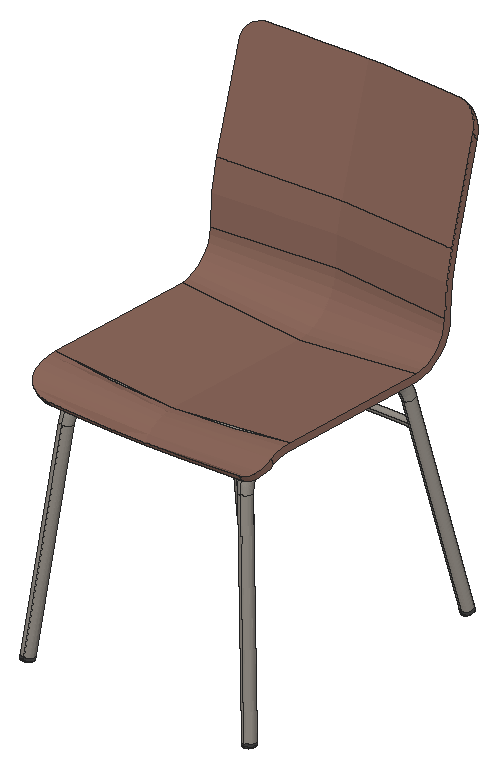
Revit family "Plymold-Essentials-Legacy_Seating", category Furniture, Revit 2022
Family settings
  OmniClass Number = 23.40.20.00
  OmniClass Title = General Furniture and Specialties
  Work Plane-Based = No
  Always vertical = Yes
  Cut with Voids When Loaded = No
  Render Appearance Source = Family Geometry
  Shared = No
  Room Calculation Point = No
Parameters (values of type "6771")
  Width = 17"
  URL = "https://plymold.com"
  Type Comments = "Chairs & Barstools"  # constant formula
  Sustainability = "https://plymold.com/plymolds-sustainability-efforts/"
  SHELL MATERIAL = PLY - Wood Mahogany - Vertical
  Revit Model Built By = "https://www.servex-us.com/servex-revit/"
  Product Documentation Link = "https://plymold.com/product/legacy-chair/"
  Model = "6771"
  Manufacturer = "Plymold"  # constant formula
  Keynote = "12500"  # constant formula
  Height = 33"
  GLIDES MATERIAL = PLY - Plastic Black
  FRAME MATERIAL = PLY - Iron Glimme Powdercoat
  Description = "Legacy Chair - 17”W x 20 1/2”D x 33”H"
  Depth = 20 1/2"
  Default Elevation = 0"
  Cost = 0
  Brand = "Legacy"  # constant formula
  Assembly Code = "E2020200"
Types (3): name | Product Documentation Link | Model | Height | Description
  (no name) | "https://plymold.com/product/legacy-chair/" | "6771" | 33" | "Legacy Chair - 17”W x 20 1/2”D x 33”H"
  6771 | "https://plymold.com/product/legacy-chair/" | "6771" | 33" | "Legacy Chair - 17”W x 20 1/2”D x 33”H"
  6773 | "https://plymold.com/product/legacy-barstool/" | "6773" | 45 1/2" | "Legacy Barstool - 17”W x 20 1/2”D x 45 1/2”H"
Reference planes (in)
  plane 1: z = 0
  plane 2: z = 0
  plane 3 "Center (Front/Back)": y = 49.90131
  plane 4 "Center (Left/Right)": x = -171.57253
  plane 5: z = 33
  plane 6: x = -180.07253
  plane 7: x = -163.07253
  plane 8: y = 60.15131
  plane 9: y = 39.65131
Dimensions and locks (in)
  "Height": plane 5 to plane 2
  equal spacing: plane 6, plane 4 "Center (Left/Right)", plane 7
  equal spacing: plane 8, plane 3 "Center (Front/Back)", plane 9
  "Depth": plane 8 to plane 9
  "Width": plane 6 to plane 7
  aligned and locked: level to plane 1
  aligned and locked: nested 1 to plane 3 "Center (Front/Back)"
  aligned and locked: plane 4 "Center (Left/Right)" to nested 1
Nested families (in)
  nested 1: "Legacy_Chair" at (-171.57253, 49.90131, 0), W <- "Width", D <- "Depth", H <- "Height", SHELL MATERIAL <- "SHELL MATERIAL", FRAME MATERIAL <- "FRAME MATERIAL", GLIDES MATERIAL <- "GLIDES MATERIAL", type "Legacy_Chair"
    with W 17", SHELL MATERIAL PLY - Wood Mahogany - Vertical, H 33", GLIDES MATERIAL PLY - Plastic Black, FRAME MATERIAL PLY - Iron Glimme Powdercoat, D 20 1/2", Chair yes, Bar Height no
Definition of nested family "Legacy_Chair"
  Parameters (values of type "Legacy_Chair")
    W [instance] = 17"
    SHELL MATERIAL [instance] = none
    H [instance] = 33"
    GLIDES MATERIAL [instance] = none
    FRAME MATERIAL [instance] = none
    Default Elevation = 0"
    D [instance] = 20 1/2"
    Chair [instance] = and(H = 33")  # yes
    Bar Height [instance] = and(H = 45 1/2")  # no
  Reference planes (in)
    plane 1 "Center (Front/Back)": y = 0
    plane 2: z = 0
    plane 3 "Center (Left/Right)": x = 0
    plane 4: z = 33
    plane 5: x = 8.5
    plane 6: y = -10.25
    plane 7: z = 18
    plane 8: x = -8.5
    plane 9: y = 10.25
    plane 10: through (-6.71391, -180, 17.50512) normal (0.9948, 0, -0.1015)
    plane 11: through (-10.37179, -1.33906, 21.07814) normal (0.0054, -0.9986, 0.0534)
    plane 12: through (-6.76893, -180, 29.27961) normal (0.9983, 0, -0.059)
  Forms (in)
    Sweep 1, solid, material <- "FRAME MATERIAL", visible <- "Chair"
      path origin (-6.71391, -180, 17.50512) x (0.101506, 0, 0.994835) y (0, -1, 0)
        loop
          line (-17.1197, -168.96589) -> (-2.11452, -170.543)
          arc (-2.11452, -170.543) -> (-0.22765, -171.53652) -> (0.45582, -173.55648) r 2.875
          line (0.45582, -173.55648) -> (-0.08065, -183.54223)
          arc (-0.08065, -183.54223) -> (-0.75084, -185.23805) -> (-2.30629, -186.18967) r 2.875
          line (-2.30629, -186.18967) -> (-17.05332, -189.58591)
      profile origin (-6.69487, -1.45064, 17.69174) x (-0.101359, -0.053646, -0.993402) y (0.994835, 0, -0.101506)
        loop
          circle (0.43642, 0.43642) r 0.43642
    Revolve 2, solid, material <- "GLIDES MATERIAL", visible <- "Chair"
      sketch origin (-6.27761, -179.90891, 17.4817) x (0.101506, 0, 0.994835) y (0, -1, 0)
        loop
          line (-17.17224, -189.06953) -> (-17.54141, -189.15455)
          arc (-17.54141, -189.15455) -> (-17.47256, -189.34322) -> (-17.36025, -189.50973) r 0.82668
          arc (-17.36025, -189.50973) -> (-17.31855, -189.53736) -> (-17.26857, -189.53956) r 0.09361
          line (-17.26857, -189.53956) -> (-17.0743, -189.49482) -> (-17.17224, -189.06953)
        axis (-17.17224, -189.06953) -> (-17.54141, -189.15455)
      angle from 0 to 360
    Revolve 3, solid, material <- "GLIDES MATERIAL", visible <- "Chair"
      sketch origin (-3.96331, 174.98898, 40.1636) x (0.100756, -0.121334, 0.987485) y (-0.012316, -0.992612, -0.120707)
        loop
          line (-17.17224, 189.06953) -> (-17.0743, 189.49482) -> (-17.26857, 189.53956)
          arc (-17.26857, 189.53956) -> (-17.31855, 189.53736) -> (-17.36025, 189.50973) r 0.09361
          arc (-17.36025, 189.50973) -> (-17.47256, 189.34322) -> (-17.54141, 189.15455) r 0.82668
          line (-17.54141, 189.15455) -> (-17.17224, 189.06953)
        axis (-17.17224, 189.06953) -> (-17.54141, 189.15455)
      angle from 0 to 360
    Sweep 4, solid, material <- "FRAME MATERIAL", visible <- "Chair"
      path origin (6.71391, -180, 17.50512) x (-0.101506, 0, 0.994835) y (0, 1, 0)
        loop
          line (-17.1197, 168.96589) -> (-2.11452, 170.543)
          arc (-2.11452, 170.543) -> (-0.22765, 171.53652) -> (0.45582, 173.55648) r 2.875
          line (0.45582, 173.55648) -> (-0.08065, 183.54223)
          arc (-0.08065, 183.54223) -> (-0.75084, 185.23805) -> (-2.30629, 186.18967) r 2.875
          line (-2.30629, 186.18967) -> (-17.05332, 189.58591)
      profile origin (6.69487, -1.45064, 17.69174) x (-0.101359, 0.053646, 0.993402) y (-0.994835, 0, -0.101506)
        loop
          circle (-0.43642, 0.43642) r 0.43642
    Revolve 5, solid, material <- "GLIDES MATERIAL", visible <- "Chair"
      sketch origin (6.27761, -179.90891, 17.4817) x (-0.101506, 0, 0.994835) y (0, 1, 0)
        loop
          line (-17.17224, 189.06953) -> (-17.0743, 189.49482) -> (-17.26857, 189.53956)
          arc (-17.26857, 189.53956) -> (-17.31855, 189.53736) -> (-17.36025, 189.50973) r 0.09361
          arc (-17.36025, 189.50973) -> (-17.47256, 189.34322) -> (-17.54141, 189.15455) r 0.82668
          line (-17.54141, 189.15455) -> (-17.17224, 189.06953)
        axis (-17.17224, 189.06953) -> (-17.54141, 189.15455)
      angle from 0 to 360
    Revolve 6, solid, material <- "GLIDES MATERIAL", visible <- "Chair"
      sketch origin (3.96331, 174.98898, 40.1636) x (-0.100756, -0.121334, 0.987485) y (-0.012316, 0.992612, 0.120707)
        loop
          line (-17.17224, -189.06953) -> (-17.54141, -189.15455)
          arc (-17.54141, -189.15455) -> (-17.47256, -189.34322) -> (-17.36025, -189.50973) r 0.82668
          arc (-17.36025, -189.50973) -> (-17.31855, -189.53736) -> (-17.26857, -189.53956) r 0.09361
          line (-17.26857, -189.53956) -> (-17.0743, -189.49482) -> (-17.17224, -189.06953)
        axis (-17.17224, -189.06953) -> (-17.54141, -189.15455)
      angle from 0 to 360
    Sweep 7, solid, material <- "FRAME MATERIAL", visible <- "Bar Height"
      path origin (-6.76893, -180, 29.27961) x (0.059019, 0, 0.998257) y (0, -1, 0)
        loop
          line (-28.90629, -169.73314) -> (-1.45352, -171.1237)
          arc (-1.45352, -171.1237) -> (0.44867, -172.02746) -> (1.15371, -174.01189) r 2.75
          line (1.15371, -174.01189) -> (0.62642, -184.23028)
          arc (0.62642, -184.23028) -> (-0.10046, -185.95517) -> (-1.76293, -186.81529) r 2.75
          line (-1.76293, -186.81529) -> (-28.86062, -190.36301)
      profile origin (-6.7164, -0.87892, 30.16813) x (-0.058941, -0.051534, -0.99693) y (0.998257, 0, -0.059019)
        loop
          circle (0.4322, 0.43452) r 0.4375
    Revolve 8, solid, material <- "GLIDES MATERIAL", visible <- "Bar Height"
      sketch origin (-7.32794, -176.88511, 35.62041) x (0.060442, 0.096016, 0.993543) y (-0.001695, -0.995352, 0.096294)
        loop
          line (-17.1091, -189.34373) -> (-17.47826, -189.42875)
          arc (-17.47826, -189.42875) -> (-17.40942, -189.61742) -> (-17.2971, -189.78393) r 0.82668
          arc (-17.2971, -189.78393) -> (-17.2554, -189.81156) -> (-17.20542, -189.81376) r 0.09361
          line (-17.20542, -189.81376) -> (-17.01115, -189.76902) -> (-17.1091, -189.34373)
        axis (-17.1091, -189.34373) -> (-17.47826, -189.42875)
      angle from 0 to 360
    Revolve 9, solid, material <- "GLIDES MATERIAL", visible <- "Bar Height"
      sketch origin (-6.45844, 173.49438, 50.32718) x (0.059806, -0.174834, 0.98278) y (-0.002956, -0.984569, -0.174973)
        loop
          line (-17.13153, 189.24631) -> (-17.03359, 189.6716) -> (-17.22786, 189.71634)
          arc (-17.22786, 189.71634) -> (-17.27784, 189.71414) -> (-17.31954, 189.68651) r 0.09361
          arc (-17.31954, 189.68651) -> (-17.43185, 189.52) -> (-17.5007, 189.33133) r 0.82668
          line (-17.5007, 189.33133) -> (-17.13153, 189.24631)
        axis (-17.13153, 189.24631) -> (-17.5007, 189.33133)
      angle from 0 to 360
    Sweep 10, solid, material <- "FRAME MATERIAL", visible <- "Bar Height"
      path origin (6.76893, -180, 29.27961) x (-0.059019, 0, 0.998257) y (0, 1, 0)
        loop
          line (-28.90629, 169.73314) -> (-1.45352, 171.1237)
          arc (-1.45352, 171.1237) -> (0.44867, 172.02746) -> (1.15371, 174.01189) r 2.75
          line (1.15371, 174.01189) -> (0.62642, 184.23028)
          arc (0.62642, 184.23028) -> (-0.10046, 185.95517) -> (-1.76293, 186.81529) r 2.75
          line (-1.76293, 186.81529) -> (-28.86062, 190.36301)
      profile origin (6.7164, -0.87892, 30.16813) x (-0.058941, 0.051534, 0.99693) y (-0.998257, 0, -0.059019)
        loop
          circle (-0.4322, 0.43452) r 0.4375
    Revolve 11, solid, material <- "GLIDES MATERIAL", visible <- "Bar Height"
      sketch origin (7.32794, -176.88511, 35.62041) x (-0.060442, 0.096016, 0.993543) y (-0.001695, 0.995352, -0.096294)
        loop
          line (-17.11043, 189.34404) -> (-17.01249, 189.76933) -> (-17.20542, 189.81376)
          arc (-17.20542, 189.81376) -> (-17.2554, 189.81156) -> (-17.2971, 189.78393) r 0.09361
          arc (-17.2971, 189.78393) -> (-17.40942, 189.61742) -> (-17.47826, 189.42875) r 0.82668
          line (-17.47826, 189.42875) -> (-17.11043, 189.34404)
        axis (-17.11043, 189.34404) -> (-17.47826, 189.42875)
      angle from 0 to 360
    Revolve 12, solid, material <- "GLIDES MATERIAL", visible <- "Bar Height"
      sketch origin (6.45844, 173.49438, 50.32718) x (-0.059806, -0.174834, 0.98278) y (-0.002956, 0.984569, 0.174973)
        loop
          line (-17.13288, -189.24662) -> (-17.5007, -189.33133)
          arc (-17.5007, -189.33133) -> (-17.43185, -189.52) -> (-17.31954, -189.68651) r 0.82668
          arc (-17.31954, -189.68651) -> (-17.27784, -189.71414) -> (-17.22786, -189.71634) r 0.09361
          line (-17.22786, -189.71634) -> (-17.03493, -189.67191) -> (-17.13288, -189.24662)
        axis (-17.13288, -189.24662) -> (-17.5007, -189.33133)
      angle from 0 to 360
    Extrusion 13, solid, material <- "FRAME MATERIAL", visible <- "Bar Height"
      sketch origin (0, -0.04688, 0) x (0, 1, 0) y (0, 0, 1)
        loop
          circle (-9.19748, 12) r 0.42306
      from -7.32251 to 7.35752
    Extrusion 14, solid, material <- "FRAME MATERIAL", visible <- "Bar Height"
      sketch origin (0, 0, 0.08779) x (1, 0, 0) y (0, 0, 1)
        loop
          circle (-7.36157, 11.91221) r 0.42306
        loop
          circle (7.36157, 11.91221) r 0.42306
      from -8.41875 to 9.28732
    Extrusion 15, solid, material <- "FRAME MATERIAL", visible <- "Bar Height"
      sketch origin (0, 16.13346, 11.75571) x (0, 1, 0) y (0, 0, 1)
        loop
          circle (-9.49356, 1.16132) r 0.25
      from -6.52749 to 6.53504
    Extrusion 16, solid, material <- "FRAME MATERIAL", visible <- "Chair"
      sketch origin (0, 15.70499, -0.52985) x (0, 1, 0) y (0, 0, 1)
        loop
          circle (-9.49356, 13.66132) r 0.25
      from -6.80339 to 6.78859
  Cuts and joins
    joined: Sweep 7, Sweep 10, Extrusion 13, Extrusion 14, Extrusion 15
    joined: Sweep 1, Sweep 4, Extrusion 16
  Lines and regions (in)
    symbolic lines, visible <- "Bar Height"
      curve 1: line (-8.40359, 9.67186, 0) -> (-8.45197, 9.78052, 0)
      curve 2: line (-7.61692, 10.05651, 0) -> (-7.65251, 10.13646, 0)
      curve 3: arc (-8.45197, 9.78052, 0) -> (-8.23021, 10.35822, 0) -> (-7.65251, 10.13646, 0) r 0.43756
      curve 4: line (8.40359, 9.67186, 0) -> (8.45197, 9.78052, 0)
      curve 5: line (7.61692, 10.05651, 0) -> (7.65251, 10.13646, 0)
      curve 6: arc (8.45197, 9.78052, 0) -> (8.23021, 10.35822, 0) -> (7.65251, 10.13646, 0) r 0.43756
      curve 7: arc (-8.43053, -9.62662, 0) -> (-8.33757, -10.17523, 0) -> (-7.78124, -10.1859, 0) r 0.43608
      curve 8: arc (8.43053, -9.62662, 0) -> (8.33757, -10.17523, 0) -> (7.78124, -10.1859, 0) r 0.43608
    symbolic lines, visible <- "Chair"
      curve 9: line (-8.09099, -10.04304, 0) -> (-8.35565, -10.3171, 0)
      curve 10: line (-7.09145, -10.26098, 0) -> (-7.72953, -10.92173, 0)
      curve 11: arc (-8.35565, -10.3171, 0) -> (-8.34491, -10.93247, 0) -> (-7.72953, -10.92173, 0) r 0.4352
      curve 12: line (8.09099, -10.04304, 0) -> (8.35565, -10.3171, 0)
      curve 13: line (7.09145, -10.26098, 0) -> (7.72953, -10.92173, 0)
      curve 14: arc (8.35565, -10.3171, 0) -> (8.34491, -10.93247, 0) -> (7.72953, -10.92173, 0) r 0.4352
    symbolic lines, visible <- "Bar Height", detail levels medium+fine
      curve 15: arc (-8.43053, -9.62662, 0) -> (-7.76837, -9.51442, 0) -> (-7.78124, -10.1859, 0) r 0.43608
      curve 16: arc (8.43053, -9.62662, 0) -> (7.76837, -9.51442, 0) -> (7.78124, -10.1859, 0) r 0.43608
      curve 21: arc (-7.65251, 10.13646, 0) -> (-7.87427, 9.55876, 0) -> (-8.45197, 9.78052, 0) r 0.43756
      curve 22: arc (7.65251, 10.13646, 0) -> (7.87427, 9.55876, 0) -> (8.45197, 9.78052, 0) r 0.43756
    symbolic lines, visible <- "Chair", detail levels medium+fine
      curve 17: spline (-8.03063, 8.73533, 0) -> (-8.14266, 8.74982, 0) -> (-8.24638, 8.79231, 0) -> (-8.33472, 8.85989, 0) -> (-8.40166, 8.94797, 0) -> (-8.44264, 9.05055, 0) -> (-8.45486, 9.16062, 0) -> (-8.43749, 9.27069, 0) -> (-8.39172, 9.37327, 0) -> (-8.32066, 9.46135, 0) -> (-8.22916, 9.52893, 0) -> (-8.12345, 9.57142, 0) -> (-8.01074, 9.58591, 0)
      curve 18: spline (-8.03063, 8.73533, 0) -> (-7.91792, 8.74982, 0) -> (-7.81221, 8.79231, 0) -> (-7.72071, 8.85989, 0) -> (-7.64965, 8.94797, 0) -> (-7.60388, 9.05055, 0) -> (-7.58652, 9.16062, 0) -> (-7.59874, 9.27069, 0) -> (-7.63971, 9.37327, 0) -> (-7.70665, 9.46135, 0) -> (-7.79499, 9.52893, 0) -> (-7.89871, 9.57142, 0) -> (-8.01074, 9.58591, 0)
      curve 19: spline (8.03063, 8.73533, 0) -> (8.14266, 8.74982, 0) -> (8.24638, 8.79231, 0) -> (8.33472, 8.85989, 0) -> (8.40166, 8.94797, 0) -> (8.44264, 9.05055, 0) -> (8.45486, 9.16062, 0) -> (8.43749, 9.27069, 0) -> (8.39172, 9.37327, 0) -> (8.32066, 9.46135, 0) -> (8.22916, 9.52893, 0) -> (8.12345, 9.57142, 0) -> (8.01074, 9.58591, 0)
      curve 20: spline (8.03063, 8.73533, 0) -> (7.91792, 8.74982, 0) -> (7.81221, 8.79231, 0) -> (7.72071, 8.85989, 0) -> (7.64965, 8.94797, 0) -> (7.60388, 9.05055, 0) -> (7.58652, 9.16062, 0) -> (7.59874, 9.27069, 0) -> (7.63971, 9.37327, 0) -> (7.70665, 9.46135, 0) -> (7.79499, 9.52893, 0) -> (7.89871, 9.57142, 0) -> (8.01074, 9.58591, 0)
  Dimensions and locks (in)
    "H": plane 4 to plane 2
    equal spacing: plane 8, plane 3 "Center (Left/Right)", plane 5
    equal spacing: plane 6, plane 1 "Center (Front/Back)", plane 9
    "W": plane 8 to plane 5
    "D": plane 9 to plane 6
    locked: plane 4 to plane 7 at 15
    Extrusion 14 to plane 2 = 12"
    aligned and locked: plane 2 to level
    aligned and locked: plane 3 "Center (Left/Right)" to nested 1
    aligned and locked: nested 1 to plane 1 "Center (Front/Back)"
    aligned and locked: plane 7 to nested 1
    aligned and locked: Revolve 2 sketch curve to Revolve 2 sketch curve
    aligned and locked: Revolve 3 sketch curve to Revolve 3 sketch curve
    aligned and locked: Revolve 5 sketch curve to Revolve 5 sketch curve
    aligned and locked: Revolve 6 sketch curve to Revolve 6 sketch curve
    aligned and locked: Revolve 8 sketch curve to Revolve 8 sketch curve
    aligned and locked: Revolve 8 to Sweep 7
    aligned and locked: Revolve 9 sketch curve to Revolve 9 sketch curve
    aligned and locked: Revolve 9 to Sweep 7
    aligned and locked: Revolve 11 sketch curve to Revolve 11 sketch curve
    aligned and locked: Sweep 10 to Revolve 11
    aligned and locked: Revolve 12 sketch curve to Revolve 12 sketch curve
    aligned and locked: Sweep 10 to Revolve 12
  Automatic sketch dimensions
    plane 6 to Sweep 1 sketch curve = 0.78411"
    plane 11 to Sweep 1 sketch curve = 8.59192"
    Sweep 1 sketch curve to plane 9 = 0.66409"
    Sweep 1 sketch curve to Sweep 1 sketch curve = 0.06638"
    Sweep 1 sketch curve to plane 1 "Center (Front/Back)" = 3.388"
    Sweep 1 sketch curve to Sweep 1 sketch curve = 14.10181"
    Sweep 1 sketch curve to plane 6 = 3.65225"
    Sweep 1 sketch curve to Sweep 1 sketch curve = 0.53647"
    Sweep 1 sketch curve to plane 9 = 4.06033"
    Sweep 1 sketch curve to Sweep 1 sketch curve = 0.64522"
    Sweep 1 sketch curve to plane 6 = 0.793"
    Sweep 1 sketch curve to Sweep 1 sketch curve = 0.30052"
    Sweep 1 sketch curve to plane 1 "Center (Front/Back)" = 3.54223"
    Sweep 1 sketch curve to plane 6 = 3.80648"
    Sweep 1 sketch curve to profile plane = 0.43642"
    plane 10 to Sweep 1 sketch curve = 0.43642"
    Revolve 2 sketch curve to plane 9 = 1.00436"  (x2)
    Revolve 2 sketch curve to plane 11 = 11.68012"
    Revolve 2 sketch curve to Revolve 2 sketch curve = 0.25183"
    Revolve 2 sketch curve to plane 9 = 0.61935"
    Revolve 2 sketch curve to Revolve 2 sketch curve = 0.02101"
    Revolve 2 sketch curve to plane 9 = 1.08938"
    Revolve 2 sketch curve to Revolve 2 sketch curve = 0.36916"
    Revolve 2 sketch curve to Revolve 2 sketch curve = 0.43611"
    Revolve 2 sketch curve to Revolve 2 sketch curve = 0.09122"
    Revolve 2 sketch curve to Revolve 2 sketch curve = 0.10191"
    Revolve 2 sketch curve to plane 9 = 0.97943"
    plane 6 to Revolve 3 sketch curve = 0.38967"
    plane 11 to Revolve 3 sketch curve = 8.17539"
    Revolve 3 sketch curve to Revolve 3 sketch curve = 0.25183"
    Revolve 3 sketch curve to Revolve 3 sketch curve = 0.02101"
    Revolve 3 sketch curve to Revolve 3 sketch curve = 0.36916"
    Revolve 3 sketch curve to Revolve 3 sketch curve = 0.19427"
    Revolve 3 sketch curve to Revolve 3 sketch curve = 0.43611"
    Revolve 3 sketch curve to Revolve 3 sketch curve = 0.08502"
    Revolve 3 sketch curve to Revolve 3 sketch curve = 0.10191"
    Revolve 3 sketch curve to Revolve 3 sketch curve = 0.09122"
    Revolve 3 sketch curve to Revolve 3 sketch curve = 0"
    Revolve 3 sketch curve to Revolve 3 sketch curve = 0.10827"
    Sweep 4 sketch curve to plane 1 "Center (Front/Back)" = 3.388"
    Sweep 4 sketch curve to plane 6 = 3.65225"
    Sweep 4 sketch curve to Sweep 4 sketch curve = 0.53647"
    Sweep 4 sketch curve to plane 9 = 4.06033"
    Sweep 4 sketch curve to Sweep 4 sketch curve = 0.64522"
    Sweep 4 sketch curve to plane 6 = 0.793"
    Sweep 4 sketch curve to Sweep 4 sketch curve = 0.30052"
    Sweep 4 sketch curve to plane 1 "Center (Front/Back)" = 3.54223"
    Sweep 4 sketch curve to plane 6 = 3.80648"
    Sweep 4 sketch curve to plane 9 = 0.66409"
    Sweep 4 sketch curve to Sweep 4 sketch curve = 14.74704"
    plane 6 to Sweep 4 sketch curve = 0.78411"
    Sweep 4 sketch curve to Sweep 4 sketch curve = 15.00517"
    profile plane to Sweep 4 sketch curve = 0.43642"  (x2)
    Revolve 5 sketch curve to plane 9 = 1.00436"  (x2)
    Revolve 5 sketch curve to Revolve 5 sketch curve = 0.25183"
    Revolve 5 sketch curve to plane 9 = 0.61935"
    Revolve 5 sketch curve to Revolve 5 sketch curve = 0.02101"
    Revolve 5 sketch curve to plane 9 = 1.08938"
    Revolve 5 sketch curve to Revolve 5 sketch curve = 0.36916"
    Revolve 5 sketch curve to Revolve 5 sketch curve = 0.43611"
    Revolve 5 sketch curve to Revolve 5 sketch curve = 0.10191"
    Revolve 5 sketch curve to Revolve 5 sketch curve = 0.09122"
    Revolve 5 sketch curve to plane 9 = 0.97943"
    plane 6 to Revolve 6 sketch curve = 0.38967"
    Revolve 6 sketch curve to Revolve 6 sketch curve = 0.25183"
    Revolve 6 sketch curve to Revolve 6 sketch curve = 0.02101"
    Revolve 6 sketch curve to Revolve 6 sketch curve = 0.36916"
    Revolve 6 sketch curve to Revolve 6 sketch curve = 0.19427"
    Revolve 6 sketch curve to Revolve 6 sketch curve = 0.43611"
    Revolve 6 sketch curve to Revolve 6 sketch curve = 0.29379"
    Revolve 6 sketch curve to Revolve 6 sketch curve = 0.04648"
    Revolve 6 sketch curve to Revolve 6 sketch curve = 0.10191"
    Revolve 6 sketch curve to Revolve 6 sketch curve = 0"
    Revolve 6 sketch curve to Revolve 6 sketch curve = 0.10827"
    Sweep 7 sketch curve to plane 1 "Center (Front/Back)" = 4.08856"
    Sweep 7 sketch curve to plane 9 = 3.43471"
    Sweep 7 sketch curve to Sweep 7 sketch curve = 0.35699"
    Sweep 7 sketch curve to plane 6 = 4.12018"
    Sweep 7 sketch curve to Sweep 7 sketch curve = 0.52729"
    Sweep 7 sketch curve to plane 6 = 1.3737"
    Sweep 7 sketch curve to Sweep 7 sketch curve = 0.13912"
    Sweep 7 sketch curve to plane 1 "Center (Front/Back)" = 4.23028"
    Sweep 7 sketch curve to plane 6 = 4.26189"
    plane 9 to Sweep 7 sketch curve = 0.11301"
    Sweep 7 sketch curve to Sweep 7 sketch curve = 27.09768"
    plane 6 to Sweep 7 sketch curve = 0.01686"
    Sweep 7 sketch curve to Sweep 7 sketch curve = 0.04567"
    Sweep 7 sketch curve to profile plane = 0.4322"
    plane 12 to Sweep 7 sketch curve = 0.43452"
    Revolve 8 sketch curve to Revolve 8 sketch curve = 0.25183"
    Revolve 8 sketch curve to Revolve 8 sketch curve = 0.02101"
    Revolve 8 sketch curve to Revolve 8 sketch curve = 0.36916"
    Revolve 8 sketch curve to Revolve 8 sketch curve = 0.19427"
    Revolve 8 sketch curve to Revolve 8 sketch curve = 0.43611"
    Revolve 8 sketch curve to Revolve 8 sketch curve = 0.04474"
    Revolve 8 sketch curve to Revolve 8 sketch curve = 0.09122"
    Revolve 8 sketch curve to Revolve 8 sketch curve = 0.10191"
    Revolve 8 sketch curve to Revolve 8 sketch curve = 0"
    Revolve 8 sketch curve to Revolve 8 sketch curve = 0.10827"
    Revolve 9 sketch curve to Revolve 9 sketch curve = 0.25183"
    Revolve 9 sketch curve to Revolve 9 sketch curve = 0.02101"
    Revolve 9 sketch curve to Revolve 9 sketch curve = 0.36916"
    Revolve 9 sketch curve to Revolve 9 sketch curve = 0.19427"
    Revolve 9 sketch curve to Revolve 9 sketch curve = 0.43611"
    Revolve 9 sketch curve to Revolve 9 sketch curve = 0.10191"
    Revolve 9 sketch curve to Revolve 9 sketch curve = 0.08502"
    Revolve 9 sketch curve to Revolve 9 sketch curve = 0.09122"
    Revolve 9 sketch curve to Revolve 9 sketch curve = 0"
    Revolve 9 sketch curve to Revolve 9 sketch curve = 0.10827"
    Sweep 10 sketch curve to plane 1 "Center (Front/Back)" = 4.08856"
    Sweep 10 sketch curve to plane 9 = 3.43471"
    Sweep 10 sketch curve to Sweep 10 sketch curve = 0.35699"
    Sweep 10 sketch curve to plane 6 = 4.12018"
    Sweep 10 sketch curve to Sweep 10 sketch curve = 0.52729"
    Sweep 10 sketch curve to plane 6 = 1.3737"
    Sweep 10 sketch curve to Sweep 10 sketch curve = 0.13912"
    Sweep 10 sketch curve to plane 1 "Center (Front/Back)" = 4.23028"
    Sweep 10 sketch curve to plane 6 = 4.26189"
    plane 9 to Sweep 10 sketch curve = 0.11301"
    Sweep 10 sketch curve to Sweep 10 sketch curve = 27.09768"
    plane 6 to Sweep 10 sketch curve = 0.01686"
    Sweep 10 sketch curve to Sweep 10 sketch curve = 0.04567"
    profile plane to Sweep 10 sketch curve = 0.4322"
    profile plane to Sweep 10 sketch curve = 0.43452"
    Revolve 11 sketch curve to Revolve 11 sketch curve = 0.25183"
    Revolve 11 sketch curve to Revolve 11 sketch curve = 0.02101"
    Revolve 11 sketch curve to Revolve 11 sketch curve = 0.36783"
    Revolve 11 sketch curve to Revolve 11 sketch curve = 0.19294"
    Revolve 11 sketch curve to Revolve 11 sketch curve = 0.43744"
    Revolve 11 sketch curve to Revolve 11 sketch curve = 0.10222"
    Revolve 11 sketch curve to Revolve 11 sketch curve = 0.08471"
    Revolve 11 sketch curve to Revolve 11 sketch curve = 0.09122"
    Revolve 11 sketch curve to Revolve 11 sketch curve = 0"
    Revolve 11 sketch curve to Revolve 11 sketch curve = 0.10827"
    Revolve 12 sketch curve to Revolve 12 sketch curve = 0.25183"
    Revolve 12 sketch curve to Revolve 12 sketch curve = 0.02101"
    Revolve 12 sketch curve to Revolve 12 sketch curve = 0.36782"
    Revolve 12 sketch curve to Revolve 12 sketch curve = 0.19293"
    Revolve 12 sketch curve to Revolve 12 sketch curve = 0.43745"
    Revolve 12 sketch curve to Revolve 12 sketch curve = 0.04443"
    Revolve 12 sketch curve to Revolve 12 sketch curve = 0.09122"
    Revolve 12 sketch curve to Revolve 12 sketch curve = 0.10222"
    Revolve 12 sketch curve to Revolve 12 sketch curve = 0"
    Revolve 12 sketch curve to Revolve 12 sketch curve = 0.10827"
    Extrusion 13 sketch curve to plane 6 = 1.00564"
    level to Extrusion 13 sketch curve = 12"
    Extrusion 14 sketch curve to plane 8 = 1.13843"
    Extrusion 14 sketch curve to plane 5 = 1.13843"
    level to Extrusion 14 sketch curve = 12"  (x2)
    Extrusion 15 sketch curve to plane 9 = 3.61009"
    Extrusion 15 sketch curve to plane 7 = 5.08298"
    Extrusion 16 sketch curve to plane 9 = 4.03857"
    level to Extrusion 16 sketch curve = 13.13147"
    curve 3 to curve 21 = 0"  (x2)
    curve 6 to curve 22 = 0"  (x2)
    curve 7 to curve 15 = 0"  (x2)
    curve 8 to curve 16 = 0"  (x2)
    curve 1 to plane 8 = 0.04803"
    plane 6 to curve 9 = 0.0671"
    curve 9 to plane 8 = 0.14435"
    curve 15 to plane 8 = 0.44703"
    curve 1 to curve 3 = 0.39973"
    curve 11 to curve 11 = 0.31306"
    curve 11 to curve 10 = 0.31306"
    curve 2 to plane 9 = 0.11354"
    curve 3 to curve 2 = 0.39973"
    curve 5 to plane 9 = 0.11354"
    curve 5 to plane 5 = 0.84749"
    curve 13 to plane 5 = 0.77047"
    curve 13 to curve 14 = 0.31306"
    curve 6 to curve 6 = 0.39973"
    curve 16 to plane 5 = 0.44703"
    plane 6 to curve 12 = 0.0671"
    curve 12 to plane 5 = 0.14435"
    curve 4 to plane 5 = 0.04803"
    plane 6 to curve 14 = 0.36942"
    plane 6 to curve 11 = 0.36942"
    curve 8 to plane 6 = 0.40517"
    curve 15 to plane 6 = 0.40517"
    curve 1 to plane 9 = 0.46948"
    curve 4 to plane 9 = 0.46948"
    curve 21 to curve 3 = 0"  (x3)
    curve 15 to plane 8 = 0.06947"
    curve 17 to plane 8 = 0.07996"
    curve 1 to plane 8 = 0.09641"
    curve 9 to curve 7 = 0.03802"
    curve 17 to curve 18 = 0.38941"
    curve 17 to curve 17 = 0.00994"
    curve 18 to curve 17 = 0"
    curve 3 to curve 17 = 0.0415"
    curve 7 to plane 6 = 0.0641"
    curve 9 to curve 7 = 0.30975"
    curve 17 to curve 18 = 0.39935"
    curve 2 to plane 9 = 0.19349"
    curve 21 to curve 2 = 0.0356"
    plane 6 to curve 10 = 0.01098"
    curve 15 to curve 10 = 0.68979"
    plane 6 to curve 13 = 0.01098"
    curve 13 to curve 14 = 0.63808"
    curve 5 to plane 9 = 0.19349"
    curve 5 to curve 6 = 0.0356"
    curve 5 to curve 20 = 0.00441"
    curve 22 to curve 5 = 0"
    curve 16 to plane 6 = 0.0641"
    curve 16 to curve 8 = 0.27173"
    curve 19 to curve 6 = 0.0415"
    curve 20 to curve 19 = 0.00994"  (x2)
    curve 20 to curve 19 = 0"
    curve 8 to curve 12 = 0.03802"
    curve 4 to plane 5 = 0.09641"
    curve 19 to plane 5 = 0.07996"
    curve 16 to plane 5 = 0.06947"
    curve 22 to curve 4 = 0"  (x2)
    curve 9 to curve 7 = 0.19821"
    curve 12 to curve 8 = 0.19821"
    curve 17 to curve 3 = 1.04519"
    curve 19 to curve 4 = 1.04519"
    curve 17 to curve 17 = 0.24927"
    curve 19 to curve 19 = 0.24927"
    curve 4 to curve 4 = 0.10866"
    curve 1 to curve 3 = 0.10866"
    radius of Sweep 1 sketch curve = 0.43642"
    radius of Sweep 4 sketch curve = 0.43642"
    radius of Sweep 7 sketch curve = 7/16"
    radius of Sweep 10 sketch curve = 7/16"
    radius of Extrusion 13 sketch curve = 0.42306"
    radius of Extrusion 14 sketch curve = 0.42306"  (x2)
    radius of Extrusion 15 sketch curve = 1/4"
    radius of Extrusion 16 sketch curve = 1/4"
  Nested families (in)
    nested 1: "Legacy_Seat" at (-8.5, 10.25, 18), W <- "W", D <- "D", SHELL MATERIAL <- "SHELL MATERIAL", FRAME MATERIAL <- "FRAME MATERIAL", type "Legacy_Seat"
      with W 17", SHELL MATERIAL none, H 35", FRAME MATERIAL none, D 20 1/2"
  Definition of nested family "Legacy_Seat"
    Parameters (values of type "Legacy_Seat")
      W [instance] = 17"
      SHELL MATERIAL [instance] = none
      H [instance] = 35"
      FRAME MATERIAL [instance] = none
      Default Elevation = 0"
      D [instance] = 20 1/2"
    Reference planes (in)
      plane 1: y = 0
      plane 2: z = 0
      plane 3: x = 0
      plane 4: x = 17
      plane 5: y = -20.5
      plane 6 "Center (Left/Right)": x = 8.5
      plane 7 "Center (Front/Back)": y = -10.25
    Forms (in)
      Sweep 1, solid, material <- "SHELL MATERIAL"
        path origin (0, 0, -20.06534) x (0, 1, 0) y (0, 0, 1)
          loop
            line (0, 35.63049) -> (-2.60775, 26.7145)
            arc (-2.60775, 26.7145) -> (-3.0495, 24.66785) -> (-3.19313, 22.57901) r 14.55991
            arc (-3.19313, 22.57901) -> (-4.09119, 20.42852) -> (-6.25767, 19.56976) r 3
            arc (-6.25767, 19.56976) -> (-12.00023, 19.77835) -> (-17.73412, 20.15666) r 194.30724
            arc (-17.73412, 20.15666) -> (-19.65009, 19.62926) -> (-20.77812, 17.99322) r 2.90346
        profile origin (0, -1.30388, 11.10716) x (0, 0.95979, -0.28072) y (1, 0, 0)
          loop
            arc (-0.69161, 18.04392) -> (0.22701, 8.16226) -> (-0.82509, -1.70608) r 49.97614
            line (-0.82509, -1.70608) -> (-0.31443, -1.70608)
            arc (-0.31443, -1.70608) -> (0.72702, 8.1624) -> (-0.18233, 18.04392) r 50.47614
            line (-0.18233, 18.04392) -> (-0.69161, 18.04392)
      Extrusion 2, void
        sketch origin (0, -0.69848, 14.93295) x (0, 0.784845, 0.619692) y (-1, 0, 0)
          loop
            arc (-23.85841, 0) -> (-24.91907, -0.43934) -> (-25.35841, -1.5) r 1.5
            line (-25.35841, -1.5) -> (-25.35841, -15.5)
            arc (-25.35841, -15.5) -> (-24.91907, -16.56066) -> (-23.85841, -17) r 1.5
            line (-23.85841, -17) -> (-1.32028, -17)
            arc (-1.32028, -17) -> (-0.30371, -16.60299) -> (0.17474, -15.62212) r 1.5
            arc (0.17474, -15.62212) -> (0.46514, -8.5) -> (0.17474, -1.37788) r 87.48095
            arc (0.17474, -1.37788) -> (-0.30371, -0.39701) -> (-1.32028, 0) r 1.5
            line (-1.32028, 0) -> (-23.85841, 0)
          loop
            line (2.6259, 2.86824) -> (-28.6241, 2.86824) -> (-28.6241, -19.38176) -> (2.6259, -19.38176) -> (2.6259, 2.86824)
        from -11.45585 to 2.70828
      Sweep 3, solid, material <- "FRAME MATERIAL"
        path origin (0, -6.74315, -1.18332) x (0, -0.052336, -0.99863) y (-1, 0, 0)
          loop
            arc (-0.50769, -2.37758) -> (-0.17174, -8.50747) -> (-0.50769, -14.63736) r 56.09211
        profile origin (8.50747, -6.73417, -1.01182) x (0, -0.052336, -0.99863) y (0, 0.99863, -0.052336)
          loop
            circle (0.45306, 0) r 0.25
          loop
            circle (0.47354, -9.98104) r 0.25
      Extrusion 4, solid, material <- "FRAME MATERIAL"
        sketch origin (0, 0.01963, -0.10989) x (0, 1, 0) y (0, 0, 1)
          loop
            line (-6.2278, -1.15142) -> (-6.21587, -0.92361) -> (-5.63175, -0.93682) -> (-5.62229, -0.75635) -> (-7.8634, -0.70566) -> (-7.87286, -0.88613) -> (-7.29271, -0.89925) -> (-7.30298, -1.09507)
            arc (-7.30298, -1.09507) -> (-6.79356, -1.66083) -> (-6.2278, -1.15142) r 0.53832
          loop
            spline (-6.78141, -1.33526) -> (-6.71636, -1.33019) -> (-6.65484, -1.30855) -> (-6.60107, -1.27182) -> (-6.5587, -1.22251) -> (-6.53062, -1.16396) -> (-6.51875, -1.10018) -> (-6.52389, -1.0355) -> (-6.5457, -0.97434) -> (-6.58268, -0.92087) -> (-6.63232, -0.87872) -> (-6.69123, -0.85077) -> (-6.7554, -0.83893)
            spline (-6.7554, -0.83893) -> (-6.82046, -0.844) -> (-6.88197, -0.86564) -> (-6.93575, -0.90237) -> (-6.97812, -0.95168) -> (-7.00619, -1.01023) -> (-7.01807, -1.07401) -> (-7.01293, -1.13869) -> (-6.99112, -1.19984) -> (-6.95414, -1.25332) -> (-6.9045, -1.29547) -> (-6.84559, -1.32341) -> (-6.78141, -1.33526)
          loop
            line (-16.20746, -0.66761) -> (-16.18758, -0.44035) -> (-15.60427, -0.47394) -> (-15.58852, -0.29391) -> (-17.8265, -0.16504) -> (-17.84225, -0.34507) -> (-17.26292, -0.37843) -> (-17.28001, -0.57377)
            arc (-17.28001, -0.57377) -> (-16.79065, -1.15696) -> (-16.20746, -0.66761) r 0.53832
          loop
            spline (-16.76715, -0.83201) -> (-16.70195, -0.82922) -> (-16.63972, -0.80974) -> (-16.5847, -0.77491) -> (-16.54064, -0.72711) -> (-16.51053, -0.66958) -> (-16.49644, -0.60625) -> (-16.49932, -0.54143) -> (-16.51898, -0.47955) -> (-16.55407, -0.42481) -> (-16.60221, -0.38096) -> (-16.66011, -0.35097) -> (-16.72383, -0.3369)
            spline (-16.72383, -0.3369) -> (-16.78903, -0.3397) -> (-16.85126, -0.35917) -> (-16.90628, -0.394) -> (-16.95034, -0.44181) -> (-16.98045, -0.49934) -> (-16.99454, -0.56267) -> (-16.99166, -0.62748) -> (-16.972, -0.68937) -> (-16.93691, -0.7441) -> (-16.88877, -0.78795) -> (-16.83087, -0.81794) -> (-16.76715, -0.83201)
        from 3.02047 to 3.75597
      Extrusion 5, solid, material <- "FRAME MATERIAL"
        sketch origin (17, 0.01963, -0.10989) x (0, 1, 0) y (0, 0, -1)
          loop
            arc (-6.2278, 1.15142) -> (-6.79356, 1.66083) -> (-7.30298, 1.09507) r 0.53832
            line (-7.30298, 1.09507) -> (-7.29271, 0.89925) -> (-7.87286, 0.88613) -> (-7.8634, 0.70566) -> (-5.62229, 0.75635) -> (-5.63175, 0.93682) -> (-6.21587, 0.92361) -> (-6.2278, 1.15142)
          loop
            spline (-6.78141, 1.33526) -> (-6.84559, 1.32341) -> (-6.9045, 1.29547) -> (-6.95414, 1.25332) -> (-6.99112, 1.19984) -> (-7.01293, 1.13869) -> (-7.01807, 1.07401) -> (-7.00619, 1.01023) -> (-6.97812, 0.95168) -> (-6.93575, 0.90237) -> (-6.88197, 0.86564) -> (-6.82046, 0.844) -> (-6.7554, 0.83893)
            spline (-6.7554, 0.83893) -> (-6.69123, 0.85077) -> (-6.63232, 0.87872) -> (-6.58268, 0.92087) -> (-6.5457, 0.97434) -> (-6.52389, 1.0355) -> (-6.51875, 1.10018) -> (-6.53062, 1.16396) -> (-6.5587, 1.22251) -> (-6.60107, 1.27182) -> (-6.65484, 1.30855) -> (-6.71636, 1.33019) -> (-6.78141, 1.33526)
          loop
            arc (-16.20746, 0.66761) -> (-16.79065, 1.15696) -> (-17.28001, 0.57377) r 0.53832
            line (-17.28001, 0.57377) -> (-17.26292, 0.37843) -> (-17.84225, 0.34507) -> (-17.8265, 0.16504) -> (-15.58852, 0.29391) -> (-15.60427, 0.47394) -> (-16.18758, 0.44035) -> (-16.20746, 0.66761)
          loop
            spline (-16.76715, 0.83201) -> (-16.83087, 0.81794) -> (-16.88877, 0.78795) -> (-16.93691, 0.7441) -> (-16.972, 0.68937) -> (-16.99166, 0.62748) -> (-16.99454, 0.56267) -> (-16.98045, 0.49934) -> (-16.95034, 0.44181) -> (-16.90628, 0.394) -> (-16.85126, 0.35917) -> (-16.78903, 0.3397) -> (-16.72383, 0.3369)
            spline (-16.72383, 0.3369) -> (-16.66011, 0.35097) -> (-16.60221, 0.38096) -> (-16.55407, 0.42481) -> (-16.51898, 0.47955) -> (-16.49932, 0.54143) -> (-16.49644, 0.60625) -> (-16.51053, 0.66958) -> (-16.54064, 0.72711) -> (-16.5847, 0.77491) -> (-16.63972, 0.80974) -> (-16.70195, 0.82922) -> (-16.76715, 0.83201)
        from 3.02047 to 3.75597
    Cuts and joins
      Extrusion 2 cuts Sweep 1
    Lines and regions (in)
      symbolic lines
        curve 1: spline (1.37788, -0.09388, 0) -> (2.55883, 0.05374, 0) -> (3.74309, 0.17463, 0) -> (4.93, 0.26873, 0) -> (6.1189, 0.33598, 0) -> (7.30912, 0.37635, 0) -> (8.5, 0.3898, 0) -> (9.69088, 0.37635, 0) -> (10.8811, 0.33598, 0) -> (12.07, 0.26873, 0) -> (13.25691, 0.17463, 0) -> (14.44117, 0.05374, 0) -> (15.62212, -0.09388, 0)
        curve 2: line (0, -19.49531, 0) -> (0, -0.77287, 0)
        curve 3: line (0, -0.77287, 0) -> (1.37788, -0.09388, 0)
        curve 4: line (15.62212, -0.09388, 0) -> (17, -0.77287, 0)
        curve 5: line (17, -0.77287, 0) -> (17, -19.49531, 0)
        curve 6: line (15.5, -20.50408, 0) -> (17, -19.49531, 0)
        curve 7: line (0, -19.49531, 0) -> (1.5, -20.50408, 0)
        curve 8: line (1.5, -20.50408, 0) -> (15.5, -20.50408, 0)
    Dimensions and locks (in)
      "D": plane 5 to plane 1
      equal spacing: plane 3, plane 6 "Center (Left/Right)", plane 4
      "W": plane 3 to plane 4
      equal spacing: plane 5, plane 7 "Center (Front/Back)", plane 1
      aligned and locked: curve 5 to cut or joined group of Sweep 1, Extrusion 2
    Automatic sketch dimensions
      Sweep 1 sketch curve to plane 1 = 0"
      plane 1 to Sweep 1 sketch curve = 2.07647"
      plane 1 to Sweep 1 sketch curve = 2.60775"
      Sweep 1 sketch curve to Sweep 1 sketch curve = 3.58536"
      Sweep 1 sketch curve to plane 5 = 2.53192"
      level to Sweep 1 sketch curve = 2.56191"
      Sweep 1 sketch curve to plane 1 = 11.3667"
      level to Sweep 1 sketch curve = 2.50373"
      Sweep 1 sketch curve to level = 2.80269"
      Sweep 1 sketch curve to Sweep 1 sketch curve = 4.14544"
      Sweep 1 sketch curve to Sweep 1 sketch curve = 0"  (x5)
      plane 5 to Sweep 1 sketch curve = 0.27812"
      Sweep 1 sketch curve to Sweep 1 sketch curve = 8.91599"
      plane 3 to Sweep 1 sketch curve = 8 1/2"
      profile plane to Sweep 1 sketch curve = 49.74799"
      profile plane to Sweep 1 sketch curve = 0.82509"
      profile plane to Sweep 1 sketch curve = 0.69161"
      profile plane to Sweep 1 sketch curve = 0.31443"
      Sweep 1 sketch curve to plane 3 = 1.70608"
      Extrusion 2 sketch curve to plane 4 = 0"
      Extrusion 2 sketch curve to plane 3 = 0"
      plane 3 to Extrusion 2 sketch curve = 8 1/2"
      plane 4 to Extrusion 2 sketch curve = 2.38176"
      Extrusion 2 sketch curve to Extrusion 2 sketch curve = 58.3917"
      Extrusion 2 sketch curve to plane 4 = 1 1/2"
      Extrusion 2 sketch curve to Extrusion 2 sketch curve = 3.2657"
      Extrusion 2 sketch curve to Extrusion 2 sketch curve = 1 1/2"  (x3)
      Extrusion 2 sketch curve to Extrusion 2 sketch curve = 22.53813"
      Extrusion 2 sketch curve to Extrusion 2 sketch curve = 0"  (x2)
      Extrusion 2 sketch curve to Extrusion 2 sketch curve = 3.94617"
      Extrusion 2 sketch curve to plane 3 = 2.86824"
      Sweep 3 sketch curve to plane 4 = 8.49253"
      Sweep 3 sketch curve to plane 4 = 2.36264"
      Sweep 3 sketch curve to Sweep 3 sketch curve = 55.75616"
      plane 3 to Sweep 3 sketch curve = 2.37758"
      Sweep 3 sketch curve to profile plane = 0.45306"
      Sweep 3 sketch curve to profile plane = 0.47354"
      Extrusion 4 sketch curve to level = 0.45496"
      Extrusion 4 sketch curve to plane 5 = 2.67738"
      Extrusion 4 sketch curve to level = 0.27493"
      Extrusion 4 sketch curve to Extrusion 4 sketch curve = 0.01575"  (x2)
      Extrusion 4 sketch curve to level = 0.68366"
      Extrusion 4 sketch curve to Extrusion 4 sketch curve = 0.56224"
      Extrusion 4 sketch curve to level = 0.48832"
      Extrusion 4 sketch curve to Extrusion 4 sketch curve = 0.01709"
      Extrusion 4 sketch curve to level = 0.73058"
      Extrusion 4 sketch curve to Extrusion 4 sketch curve = 0.53628"
      Extrusion 4 sketch curve to level = 0.77749"
      Extrusion 4 sketch curve to level = 0.55024"
      Extrusion 4 sketch curve to Extrusion 4 sketch curve = 0.01988"
      Extrusion 4 sketch curve to level = 0.58383"
      Extrusion 4 sketch curve to Extrusion 4 sketch curve = 0.5833"
      Extrusion 4 sketch curve to level = 0.4038"
      Extrusion 4 sketch curve to level = 0.99602"
      Extrusion 4 sketch curve to Extrusion 4 sketch curve = 7.71567"
      Extrusion 4 sketch curve to level = 0.81555"
      Extrusion 4 sketch curve to Extrusion 4 sketch curve = 0.00946"  (x2)
      Extrusion 4 sketch curve to level = 1.20496"
      Extrusion 4 sketch curve to Extrusion 4 sketch curve = 0.56988"
      Extrusion 4 sketch curve to level = 1.00914"
      Extrusion 4 sketch curve to Extrusion 4 sketch curve = 0.01026"
      Extrusion 4 sketch curve to Extrusion 4 sketch curve = 0.53759"
      Extrusion 4 sketch curve to level = 1.2613"
      Extrusion 4 sketch curve to level = 1.0335"
      Extrusion 4 sketch curve to Extrusion 4 sketch curve = 0.01194"
      Extrusion 4 sketch curve to level = 1.04671"
      Extrusion 4 sketch curve to Extrusion 4 sketch curve = 0.58412"
      Extrusion 4 sketch curve to level = 0.86624"
      Extrusion 4 sketch curve to Extrusion 4 sketch curve = 0.02341"
      Extrusion 4 sketch curve to Extrusion 4 sketch curve = 0.00176"
      Extrusion 4 sketch curve to Extrusion 4 sketch curve = 0.24729"
      Extrusion 4 sketch curve to Extrusion 4 sketch curve = 0"  (x2)
      Extrusion 4 sketch curve to Extrusion 4 sketch curve = 0.01602"
      Extrusion 4 sketch curve to Extrusion 4 sketch curve = 0.00302"
      Extrusion 4 sketch curve to Extrusion 4 sketch curve = 0.24664"
      Extrusion 4 sketch curve to Extrusion 4 sketch curve = 0.21201"
      Extrusion 4 sketch curve to Extrusion 4 sketch curve = 0.21133"
      Extrusion 5 sketch curve to level = 0.45496"
      Extrusion 5 sketch curve to plane 5 = 2.67738"
      Extrusion 5 sketch curve to level = 0.27493"
      Extrusion 5 sketch curve to Extrusion 5 sketch curve = 0.01575"  (x2)
      Extrusion 5 sketch curve to level = 0.68366"
      Extrusion 5 sketch curve to Extrusion 5 sketch curve = 0.56224"
      Extrusion 5 sketch curve to level = 0.48832"
      Extrusion 5 sketch curve to Extrusion 5 sketch curve = 0.01709"
      Extrusion 5 sketch curve to level = 0.73058"
      Extrusion 5 sketch curve to Extrusion 5 sketch curve = 0.53628"
      Extrusion 5 sketch curve to level = 0.77749"
      Extrusion 5 sketch curve to level = 0.55024"
      Extrusion 5 sketch curve to Extrusion 5 sketch curve = 0.01988"
      Extrusion 5 sketch curve to level = 0.58383"
      Extrusion 5 sketch curve to Extrusion 5 sketch curve = 0.5833"
      Extrusion 5 sketch curve to level = 0.4038"
      Extrusion 5 sketch curve to level = 0.99602"
      Extrusion 5 sketch curve to Extrusion 5 sketch curve = 7.71567"
      Extrusion 5 sketch curve to level = 0.81555"
      Extrusion 5 sketch curve to Extrusion 5 sketch curve = 0.00946"  (x2)
      Extrusion 5 sketch curve to level = 1.20496"
      Extrusion 5 sketch curve to Extrusion 5 sketch curve = 0.56988"
      Extrusion 5 sketch curve to level = 1.00914"
      Extrusion 5 sketch curve to Extrusion 5 sketch curve = 0.01026"
      Extrusion 5 sketch curve to Extrusion 5 sketch curve = 0.53759"
      Extrusion 5 sketch curve to level = 1.2613"
      Extrusion 5 sketch curve to level = 1.0335"
      Extrusion 5 sketch curve to Extrusion 5 sketch curve = 0.01194"
      Extrusion 5 sketch curve to level = 1.04671"
      Extrusion 5 sketch curve to Extrusion 5 sketch curve = 0.58412"
      Extrusion 5 sketch curve to level = 0.86624"
      Extrusion 5 sketch curve to Extrusion 5 sketch curve = 0.02341"
      Extrusion 5 sketch curve to Extrusion 5 sketch curve = 0.00176"
      Extrusion 5 sketch curve to Extrusion 5 sketch curve = 0.24729"
      Extrusion 5 sketch curve to Extrusion 5 sketch curve = 0"  (x2)
      Extrusion 5 sketch curve to Extrusion 5 sketch curve = 0.01602"
      Extrusion 5 sketch curve to Extrusion 5 sketch curve = 0.00302"
      Extrusion 5 sketch curve to Extrusion 5 sketch curve = 0.24664"
      Extrusion 5 sketch curve to level = 0.44679"
      Extrusion 5 sketch curve to Extrusion 5 sketch curve = 0.28431"
      curve 2 to plane 3 = 0"
      plane 1 to curve 3 = 0.09388"
      plane 3 to curve 3 = 1.37788"
      plane 1 to curve 4 = 0.09388"
      curve 4 to plane 4 = 1.37788"
      plane 1 to curve 4 = 0.77287"
      plane 1 to curve 3 = 0.77287"
      curve 2 to plane 5 = 1.00469"
      curve 5 to plane 5 = 1.00469"
      curve 1 to plane 3 = 41.9755"
      plane 3 to curve 7 = 1 1/2"
      curve 8 to plane 4 = 1 1/2"
      plane 5 to curve 6 = 0.00408"
      plane 5 to curve 1 = 27.45571"
      profile plane to Sweep 3 sketch curve = 0"
      Sweep 3 sketch curve to profile plane = 9.98104"
      Extrusion 4 sketch curve to Extrusion 4 sketch curve = 0.29095"
      Extrusion 5 sketch curve to Extrusion 5 sketch curve = 0.29095"
      Sweep 1 sketch curve to Sweep 1 sketch curve = 178.20152"
      radius of Sweep 3 sketch curve = 1/4"  (x2)
